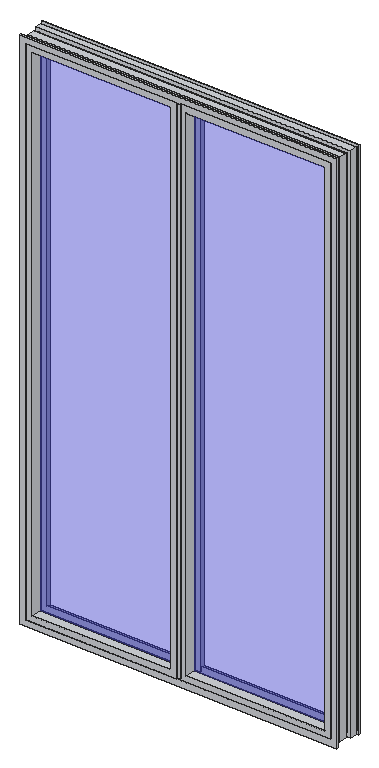
Revit family "3250 Contemporary_Fixed Single Vertical Rail", category Windows, host Wall, Revit 2023
Family settings
  Host = Wall
  OmniClass Number = 23.30.20.00
  OmniClass Title = Windows
  Always vertical = Yes
  Cut with Voids When Loaded = No
  Shared = No
  Room Calculation Point = No
Parameters
  Rough Width = 3' - 0"
  Left Bay Width (Rail Placement) = 1' - 4 55/64"
  Height = 5' - 0"
  Glass Material = Glass
  Frame Material = none
  Depth From Exterior = 0' - 1"
  Default Sill Height = 3' - 0"
  Wall Closure = By host
  Width = 3' - 0"
Reference planes (in)
  plane 1 "Center (Front/Back)": y = 0
  plane 2: z = 0
  plane 3 "Center (Left/Right)": x = 0
  plane 4 "Left": x = -18
  plane 5 "Right": x = 18
  plane 6 "Sill": z = 36
  plane 7 "Top": z = 96
  plane 8: y = 3
  plane 9: y = 2
  plane 10: y = -1.25
  plane 11: y = 2
  plane 12: y = -1.25
  plane 13: y = -0.1595
  plane 14: y = 0.8405
  plane 15: y = -0.1595
  plane 16: y = 2
  plane 17: y = -1.25
  plane 18: x = 0.22107
  plane 19: x = 0.32147
  plane 20: x = 17.18085
  plane 21: y = -0.1595
  plane 22: y = -1.25
  plane 23: y = -1.25
  plane 24: y = -0.1595
Forms (in)
  Sweep 1, solid
    path origin (0, 0, 0) x (1, 0, 0) y (0, 0, 1)
      loop
        line (18, 36) -> (18, 96) -> (-18, 96) -> (-18, 36) -> (18, 36)
    profile origin (0, 0, 36) x (0, 0, -1) y (0, -1, 0)
      loop
        line (-1.34375, -0.875) -> (-0.81915, -2) -> (0, -2) -> (0, -1.875) -> (-0.28125, -1.875) -> (-0.28125, -1.612) -> (-0.12188, -1.612) -> (-0.12188, -0.84422) -> (-0.49675, -0.84422) -> (-0.49675, -0.34375) -> (-0.26375, -0.34375) -> (-0.26375, 0.46854) -> (-0.46875, 0.46854) -> (-0.46875, 1.125) -> (0, 1.125) -> (0, 1.25) -> (-0.71875, 1.25) -> (-0.71875, -0.875) -> (-1.34375, -0.875)
  Sweep 2, solid, material "Glass" <- "Glass Material"
    path origin (0, 0, 0) x (0, 1, 0) y (0, 0, 1)
      loop
        line (0.60301, 36.71875) -> (0.60301, 95.28125)
    profile origin (0, 0.60301, 66) x (0, -1, 0) y (1, 0, 0)
      loop
        line (-0.23749, -17.28125) -> (0.01251, -17.28125) -> (0.01251, 17.28125) -> (-0.23749, 17.28125) -> (-0.23749, -17.28125)
      loop
        line (0.51251, -17.28125) -> (0.76251, -17.28125) -> (0.76251, 17.28125) -> (0.51251, 17.28125) -> (0.51251, -17.28125)
  Sweep 3, solid
    path origin (0, 0, 0) x (1, 0, 0) y (0, 0, 1)
      loop
        line (0.29623, 95.18085) -> (0.29623, 36.81915)
    profile origin (0.29623, 0, 66) x (0, -1, 0) y (1, 0, 0)
      loop
        line (-0.875, 0.54983) -> (-2, 0.02524) -> (-2, -0.61307) -> (-0.875, -1.13767) -> (-0.875, -0.51267) -> (1.25, -0.51267) -> (1.25, -0.07517) -> (-0.875, -0.07517) -> (-0.875, 0.54983)
  Sweep 4, solid
    path origin (0, 0, 0) x (1, 0, 0) y (0, 0, 1)
      loop
        line (-17.28125, 36.71875) -> (-0.21643, 36.71875) -> (-0.21643, 95.28125) -> (-17.28125, 95.28125) -> (-17.28125, 36.71875)
    profile origin (-8.74884, 0, 36.71875) x (0, 0, 1) y (0, -1, 0)
      loop
        line (0.625, 1.25) -> (0, 1.25) -> (0, 0.55375) -> (0.21533, 0.55375) -> (0.21533, 0.1595) -> (0.625, 0.1595) -> (0.625, 1.25)
  Sweep 5, solid
    path origin (0, 0, 0) x (1, 0, 0) y (0, 0, 1)
      loop
        line (0.22107, 36.71875) -> (17.28125, 36.71875) -> (17.28125, 95.28125) -> (0.22107, 95.28125) -> (0.22107, 36.71875)
    profile origin (8.75116, 0, 36.71875) x (0, 0, 1) y (0, -1, 0)
      loop
        line (0.625, 1.25) -> (0, 1.25) -> (0, 0.55375) -> (0.21511, 0.55375) -> (0.21511, 0.1595) -> (0.625, 0.1595) -> (0.625, 1.25)
Lines and regions (in)
  Opening 1
    outline origin (-60, -3, 0) x (1, 0, 0) y (0, 0, 1)
      loop
        line (42, 96) -> (42, 36) -> (78, 36) -> (78, 96) -> (42, 96)
Text (in)
  text "EXTERIOR" at (-58.6888, 50.90694, 0), in view "Ref. Level"
  text "INTERIOR" at (-58.6888, -37.76638, 0), in view "Ref. Level"
  text "Exterior" at (0, 43.65631, 123.19604), in view "Left"
  text "Exterior" at (0, 18.29385, 125.04747), in view "Right"
Dimensions and locks (in)
  equal spacing: plane 4 "Left", plane 3 "Center (Left/Right)", plane 5 "Right"
  "Height": plane 6 "Sill" to plane 7 "Top"
  "Default Sill Height": plane 2 to plane 6 "Sill"
  "Width": plane 4 "Left" to plane 5 "Right"
  "Depth From Exterior": plane 8 to plane 9
  locked: plane 11 to plane 10 at 3.25
  locked: plane 13 to plane 12 at 1.0905
  locked: plane 14 to plane 15 at 1
  locked: plane 16 to plane 17 at 3.25
  "Left Bay Width (Rail Placement)": plane 19 to plane 20
  locked: plane 20 to plane 5 "Right" at 0.81915
  locked: plane 19 to plane 18 at 0.1004
  locked: plane 21 to plane 22 at 1.0905
  locked: plane 24 to plane 23 at 1.0905
  aligned and locked: plane 7 "Top" to Opening 1 sketch curve
  aligned and locked: plane 6 "Sill" to Opening 1 sketch curve  (x2)
  aligned and locked: plane 5 "Right" to Opening 1 sketch curve
  aligned and locked: plane 4 "Left" to Opening 1 sketch curve
  aligned and locked: level to plane 2
  aligned and locked: plane 8 to host wall
  aligned and locked: plane 6 "Sill" to Sweep 1 sketch curve
  aligned and locked: plane 4 "Left" to Sweep 1 sketch curve
  aligned and locked: Sweep 1 sketch curve to plane 7 "Top"
  aligned and locked: Sweep 1 sketch curve to plane 5 "Right"
  aligned and locked: plane 11 to Sweep 1
  aligned and locked: plane 10 to Sweep 1
  aligned and locked: plane 9 to plane 11
  aligned and locked: plane 10 to plane 12
  aligned and locked: Sweep 1 to Sweep 2 sketch curve  (x2)
  aligned and locked: Sweep 2 sketch curve to Sweep 1  (x4)
  aligned and locked: plane 14 to Sweep 2
  aligned and locked: plane 15 to Sweep 2
  aligned and locked: plane 13 to plane 15
  aligned and locked: Sweep 1 to Sweep 3 sketch curve  (x2)
  aligned and locked: plane 17 to Sweep 3
  aligned and locked: plane 16 to Sweep 3
  aligned and locked: plane 18 to Sweep 3
  aligned and locked: plane 19 to Sweep 3
  aligned and locked: plane 16 to plane 11
  aligned and locked: plane 20 to Sweep 1
  aligned and locked: Sweep 4 sketch curve to Sweep 1  (x3)
  aligned and locked: Sweep 4 sketch curve to Sweep 3
  aligned and locked: plane 21 to Sweep 4
  aligned and locked: plane 22 to Sweep 4
  aligned and locked: plane 22 to plane 17
  aligned and locked: Sweep 5 sketch curve to Sweep 1  (x3)
  aligned and locked: Sweep 5 sketch curve to Sweep 3
  aligned and locked: plane 24 to Sweep 5
  aligned and locked: plane 23 to Sweep 5
  aligned and locked: plane 22 to plane 23
Automatic sketch dimensions
  profile plane to Sweep 1 sketch curve = 0' - 0.81915"
  Sweep 1 sketch curve to Sweep 1 sketch curve = 0' - 0.1004"
  Sweep 1 sketch curve to Sweep 1 sketch curve = 0' - 0.222"
  Sweep 1 sketch curve to Sweep 1 sketch curve = 0' - 0.028"
  Sweep 1 sketch curve to Sweep 1 sketch curve = 0' - 0.5379"
  Sweep 1 sketch curve to Sweep 1 sketch curve = 0' - 0.205"
  Sweep 1 sketch curve to Sweep 1 sketch curve = 0' - 0.15937"
  Sweep 1 sketch curve to Sweep 1 sketch curve = 0' - 0 15/32"
  Sweep 1 sketch curve to Sweep 1 sketch curve = 0' - 0 9/32"
  Sweep 1 sketch curve to plane 1 "Center (Front/Back)" = 0' - 2"
  Sweep 1 sketch curve to Sweep 1 sketch curve = 0' - 0 1/8"  (x2)
  Sweep 1 sketch curve to Sweep 1 sketch curve = 0' - 0.263"
  Sweep 1 sketch curve to Sweep 1 sketch curve = 0' - 0.76778"
  Sweep 1 sketch curve to Sweep 1 sketch curve = 0' - 0.50047"
  Sweep 1 sketch curve to Sweep 1 sketch curve = 0' - 0.81229"
  Sweep 1 sketch curve to Sweep 1 sketch curve = 0' - 0.65646"
  Sweep 1 sketch curve to Sweep 1 sketch curve = 0' - 0 5/8"
  Sweep 1 sketch curve to Sweep 1 sketch curve = 0' - 0.03078"
  Sweep 2 sketch curve to plane 1 "Center (Front/Back)" = 0' - 0.60301"
  profile plane to Sweep 2 sketch curve = 0' - 0.23749"
  Sweep 2 sketch curve to Sweep 2 sketch curve = 0' - 0 1/4"  (x2)
  Sweep 2 sketch curve to Sweep 2 sketch curve = 0' - 0 3/4"
  plane 3 "Center (Left/Right)" to Sweep 3 sketch curve = 0' - 0.29623"
  Sweep 3 sketch curve to plane 1 "Center (Front/Back)" = 0' - 2"
  Sweep 3 sketch curve to Sweep 3 sketch curve = 0' - 1 1/8"
  Sweep 3 sketch curve to Sweep 3 sketch curve = 0' - 0"
  Sweep 3 sketch curve to Sweep 3 sketch curve = 0' - 2 1/8"
  profile plane to Sweep 3 sketch curve = 0' - 1.13767"
  Sweep 3 sketch curve to Sweep 3 sketch curve = 0' - 0.5246"
  Sweep 3 sketch curve to Sweep 3 sketch curve = 0' - 0 5/8"  (x2)
  Sweep 3 sketch curve to Sweep 3 sketch curve = 0' - 0 7/16"
  Sweep 3 sketch curve to Sweep 3 sketch curve = 0' - 0.63831"
  Sweep 4 sketch curve to profile plane = 0' - 0"
  Sweep 4 sketch curve to Sweep 4 sketch curve = 0' - 0.21533"
  Sweep 4 sketch curve to Sweep 4 sketch curve = 0' - 0.40967"
  plane 1 "Center (Front/Back)" to Sweep 4 sketch curve = 0' - 0.1595"
  Sweep 4 sketch curve to Sweep 4 sketch curve = 0' - 0.39425"
  Sweep 4 sketch curve to Sweep 4 sketch curve = 0' - 0.69625"
  Sweep 5 sketch curve to profile plane = 0' - 0"
  Sweep 5 sketch curve to Sweep 5 sketch curve = 0' - 0.21511"
  Sweep 5 sketch curve to Sweep 5 sketch curve = 0' - 0.40989"
  plane 1 "Center (Front/Back)" to Sweep 5 sketch curve = 0' - 0.1595"
  Sweep 5 sketch curve to Sweep 5 sketch curve = 0' - 0.39425"
  Sweep 5 sketch curve to Sweep 5 sketch curve = 0' - 0.69625"
